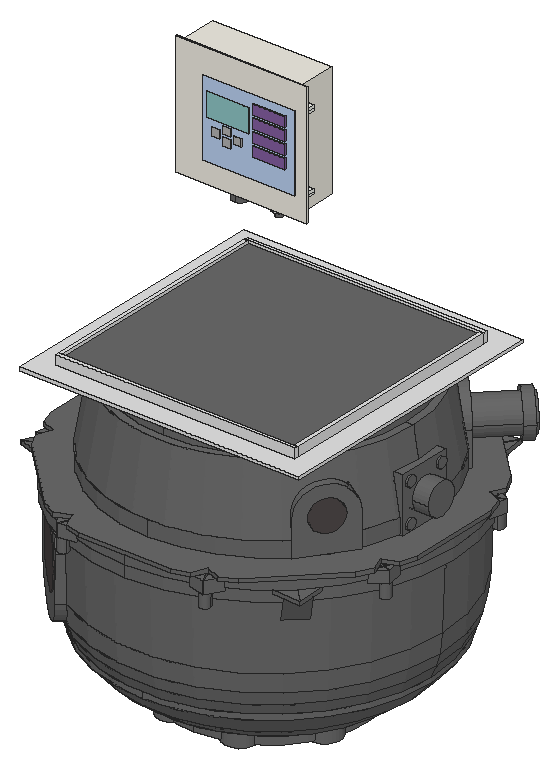
Revit family "280550s (200)", category Generic Models, Revit 2021
Family settings
  Can host rebar = No
  Round Connector Dimension = Use Diameter
  Part Type = Normal
  Work Plane-Based = No
  Always vertical = Yes
  Cut with Voids When Loaded = No
  Shared = Yes
  Room Calculation Point = No
Parameters (values of type "280550S")
  SUPPLIER = "KESSEL"
  SA700ID50 = "internal"
  SA700ID49 = "Protection Class I"
  SA700ID48 = "no"
  SA700ID47 = "no"
  SA700ID46 = "yes"
  SA700ID37 = 8000 mm
  SA700ID34 = 12
  SA700ID33 = 0.5 W
  SA700ID32 = 17.31 kg
  SA700ID31 = 1
  SA700ID30 = 1
  SA700ID29 = "RWDR"
  SA700ID21 = 800
  SA700ID10 = "No"
  SA700ID08 = 230 V
  PROCUREWEBLINK = "https://p.caden.as/kessel/280550S"
  PROCURELINK = "p.caden.as/kessel/280550S"
  PROCUREDATALASTUPDATE = "2024-05-22T12:17:25.082586226+01:00"
  PRC_SPECIFICATIONLINK = "https://ausschreiben.de/catalog/kessel/catalogItem/5d98f284-5297-4169-bd2e-c9a9cff749b9"
  NN = "Lifting station Aqualift S compact"
  NBSYN = "$SA810ID03. ($LODLEVEL.)"
  NB = "280550S (200)"
  Model = "280550S"
  Manufacturer = "KESSEL"
  MIdent = "{$CADENAS_DATA/23d-libs/kessel/kessel_vdi_import/4/entwaesserung/hebeanlage20aqualift20s20compact.prj},216 {STYP=ASS},{VTYP=3D},{NB=280550S (200)},{LINA=280550S},{NN=Lifting station Aqualift S compact},{DATE=21.11.2022 10:40:35},{GEOMDATE=21.11.2022 10:40:35},{VERSION=},{LINEID=120},{WBVAR=LODLEVEL},{WBNUMERIC=LODLEVEL}  {NB=280550S (200)},{LINA=280550S},{KT=DUMMY},{PREVIEW=../../bilder/ksb_w_280550s.png},{SA700ID04=Hebeanlage Aqualift S Compact, Tronic, GTF 500, Bodenplatte},{SA810ID06=04026092082645},{SA700ID34=12.00},{SA010ID03=201805},{SA810ID03=280550S},{SA810ID10=Die steckerfertige Hebeanlage für fäkalienfreies Abwasser ist mit einer überflutbaren Pumpe sowie einem Rückflussverhinderer ausgestattet. Der Sammelbehälter aus dauerhaft beständigem Kunststoff (PE) besitzt einen offenen Pumpenraum. Einhandverschlüsse ermöglichen die einfache Entnahme der integrierten Komponenten. Die Anlage zum Einbau in die Bodenplatte ist vormontiert zur bauseitigen Endmontage.Die Steuerung erfolgt durch ein anwenderfreundliches Schaltgerät, das optional über einen potentialfreien Kontakt in die Gebäudeleittechnik eingebunden werden oder Alarm- und Sammelstörmeldungen über eine GSM-Schnittstelle ausgeben kann.- mit teleskopischem Aufsatzstück für stufenlosen Höhen- und Niveauausgleich und integriertem Bodenablauf- Sammelbehälter aus PE, beständig gegen aggressive Abwässer und 3 m Grundwasser- inklusive Rückflussverhinderer für die Druckleitung- inklusive Stutzen für Zulauf und Kabelleerrohr- Pumpe mit Freistromrad für höchste BetriebssicherheitAusführung:Anlagenart: EinzelanlagePumpensteuerung: SchaltgerätRückflussverhinderer: integriertAuslieferungszustand: installationsfertig (Verbindungsteile sind bauseits anzuschließen)Einbausituation: Einbau in die BodenplatteAbwasserart: fäkalienfreiAllgemeine Merkmale:Farbe: schwarzNorm: EN 12050-2Abmessungen:Länge: 617 mmBreite: 585 mmBehälter/Grundkörper:Zulauf Nennweite (DN): 100 mmDruckabgang (DN): 32 mmDruckabgang (DA): 40 mmEinbautiefe: 490 - 620 mmNutzvolumen: 20 lArt der Höhenverstellbarkeit: teleskopisches AufsatzstückAbdeckungsmerkmale:Abdeckungsart: Abdeckplatte mit SchlitzrostAbdeckung Material: KunststoffAbdeckung Farbe: schwarzBelastungsklasse: K 3 (EN 1253-1)Länge: 366 mmBreite: 366 mmVerriegelung: Lock & LiftFreier Kugeldurchgang: 10 mmFördereinrichtung:Pumpe: GTF 500Anzahl Pumpen: 1Förderleistung max.: 10 m3/hFörderhöhe max.: 8 mBetriebsspannung: 230 VNetzfrequenz: 50 HzBetriebsart: S1Leistung P1: 0,6 kWLeistung P2: 0,36 kWDrehzahl: 2.800 U/minErforderliche Absicherung (Leitungsschutz): C 16 AFörderguttemperatur (dauerhaft) max.: 40 °CAnschlusstyp: codierter SteckerLaufrad Typ: FreistromradLänge Netzanschlussleitung Pumpe: 5 mNennstrom: 2,7 ASchutzart Pumpe: IP 68 (3m)Typ Anschlussleitung Pumpe: H07RN-F 3G 1,0 mm2Temperaturüberwachung: integriertSteuerung:Schaltgerät: ComfortBetriebsspannung: 230 VSelbstdiagnosesystem (SDS): jaBatteriepufferung: jaMehrzeilige Displayanzeige: jaLogbuchfunktion: jaUSB-Schnittstelle: jaGSM-Schnittstelle: jaPotentialfreier Kontakt: optionalSchutzart Schaltgerät: IP 54Länge Netzanschlussleitung Schaltgerät: 1,4 mArt Niveauerfassung: pneumatischInstrument Niveauerfassung: TauchrohrAlarmgeber: optische Sonde},{SA700ID37=8.00},{SA700ID33=0.50},{SA700ID08=230},{SA700ID30=1},{SA700ID32=17.31},{SA700ID49=Schutzklasse I},{SA700ID50=intern},{SA200ID03=6},{SA250ID03=vertikal},{SA260ID03=Trockenläuferpumpe},{SA350ID03=normalansaugend},{SA400ID03=E-Motor für Wechselstrom},{SA460ID03=direkt},{SA500ID03=Kunststoff, Edelstahl},{SA700ID06=32},{SA700ID07=100},{SA700ID09=1/N/PE 230V },{SA700ID10=Nein},{SA700ID11=50},{SA700ID12=IP 68},{SA700ID13=F},{SA700ID15=35},{SA700ID21=800.00},{SA700ID22=0.36},{SA700ID23=2800},{SA700ID24=2800},{SA700ID26=2.50},{SA700ID27=6.90},{SA700ID28=durchgehend},{SA700ID29=RWDR},{SA700ID31=1},{SA700ID46=ja},{SA700ID47=nein},{SA700ID48=nein},{SA110ID04=Hebeanlage Aqualift S Compact},{SA300ID03=einstufig},{SA700ID44=10.00},{SA700ID45=10.00},{SA010ID04=KESSEL AG},{LODLEVEL=200},{LINK=https://www.kessel.de/info?han=280550S},{SA970ID01=970},{SA970ID02=14061},{SA970ID03=280550S},{SA970ID04=11002617},{SA970ID05=QUAD},{SA970ID06=-326},{SA970ID07=-291.04},{SA970ID08=0},{SA970ID09=1},{SA970ID10=0},{SA970ID11=0},{SA970ID12=0},{SA970ID13=1},{SA970ID14=0},{SA970ID15=617.04},{SA970ID16=582.09},{SA970ID17=488.5},{LODLEVEL_=200,'Low'},{LODLEVEL_DEU=200,'Low'},{LINK_=https://www.kessel.de/info?han=280550S},{LINK_DEU=https://www.kessel.de/info?han=280550S},{LODLEVEL_3DB=280550S_200},{DNIN1=100},{DNIN2=125},{DNIN3=100},{DNIN4=100},{DNOUT1=70},{DNOUT2=32},{ISD1=60},{ISD2=10},{ISD3=10},{SA010ID01=010},{SA010ID02=4},{SA010ID06=www.kessel.de},{SA010ID07=www.kessel.de},{SA010ID12=20180713},{SA010ID13=DEU},{SA010ID14=DE},{SA100ID01=100},{SA100ID02=4},{SA100ID04=Entwässerung},{SA110ID01=110},{SA110ID02=30},{SA200ID01=200},{SA200ID02=6},{SA250ID01=250},{SA250ID02=2},{SA260ID01=260},{SA260ID02=2},{SA300ID01=300},{SA300ID02=1},{SA350ID01=350},{SA350ID02=1},{SA400ID01=400},{SA400ID02=1},{SA460ID01=460},{SA460ID02=1},{SA500ID01=500},{SA500ID02=1},{SA700ID01=700},{SA700ID02=194},{SA700ID10_=0},{SA700ID16=0},{SA700ID25=0},{SA700ID46_=1},{SA700ID47_=0},{SA700ID48_=0},{SA700ID49_=1},{SA700ID50_=2},{SA800ID01=800},{SA800ID02=9},{SA810ID01=810},{SA810ID02=194},{SA810ID04=280550S},{SA810ID07=194},{SA810ID09=1},{SA810ID14=PCE},{SA810ID15=1},{SA810ID16=NMP},{SA960ID03=194},{SA960ID04=3L},{SA960ID08=https://www.kessel.de/info?han=280550S},{SA010ID08=4026092000007},{SA100ID05=Hebeanlage},{SA110ID06=Hebeanlage}"
  LINK = "https://www.kessel.de/info?han=280550S"
  LINA = "280550S"
  Default Elevation = 0 mm
  CREATOR = "CADENAS GmbH"
  CATALOG = "KESSEL"
  BOMINFO = "LINA"
  ARTICLENO = "NB"
  4.810.00.9 Order quantity (multiplicator) = "1"
  4.810.00.7 Media- connection number = "194"
  4.810.00.6 GTIN number = "04026092082645"
  4.810.00.4 DATANORM number = "280550S"
  4.810.00.3 Producer order number = "280550S"
  4.710.03.7 Mass (net) = 17.31 kg
  4.710.03.6 Height = 490 mm
  4.710.03.5 Width = 580 mm
  4.710.03.4 Length = 620 mm
  4.710.03.3 Type of dimensions = "2"
  4.710.02.8 Area of application of wastewater pump = "2"
  4.710.02.6 Duty type = "S1"
  4.710.02.5 Cutting device = "0"
  4.710.02.4 Attached pump control = "1"
  4.710.02.3 Free passage = 10 mm
  4.710.01.6 Option to connect to building automation = "10"
  4.710.01.5 Load regulation = "0"
  4.710.01.4 Designation of closed-loop control = "20"
  4.700.00.9 Voltage = 0
  4.700.00.8 Nominal connection size on suction side = "100"
  4.700.00.7 Nominal connection size on pressure side = "100"
  4.700.00.6 Type of connection = "32"
  4.700.00.4 Product indentification = "Hebeanlage Aqualift S Compact, Tronic, GTF 500, Bodenplatte"
  4.700.00.28 Motor pump shaft = "durchgehend"
  4.700.00.27 Starting current = 6.9
  4.700.00.26 Maximum power consumption per pump / drive = 2.5
  4.700.00.25 Minimum speed at internal speed adjustment = 0
  4.700.00.24 Nominal speed / maximum speed n = 46.6667
  4.700.00.23 Nominal speed of motor = 46.6667
  4.700.00.22 Maximum shaft output (P2) per pump/drive = 0.36 W
  4.700.00.16 Maximum temperature of pumped medium = 0 °C
  4.700.00.15 Increased safety class = "35 °C"
  4.700.00.13 Type of protection = "F"
  4.700.00.12 Frequency = 0
  4.700.00.11 Stern-/Dreieck-Anlaufschaltung bei Dreiphasenanschluss oder Drehstrom = "50 Hz"
  4.700.00.10 Phase = "0"
  4.500.00.3 Variant / Variant type / Accessories-name = "Kunststoff, Edelstahl"
  4.460.00.3 Variant / Variant type / Accessories-name = "direkt"
  4.400.00.3 Variant / Variant type / Accessories-name = "E-Motor für Wechselstrom"
  4.350.00.3 Variant / Variant type / Accessories-name = "normalansaugend"
  4.300.00.3 Variant / Variant type / Accessories-name = "einstufig"
  4.260.00.3 Variant / Variant type / Accessories-name = "Trockenläuferpumpe"
  4.250.00.3 Variant / Variant type / Accessories-name = "vertikal"
  4.200.00.3 Variant / Variant type / Accessories-name = "6"
  4.110.00.6 Product classification = "Hebeanlage"
  4.110.00.4 Product indentification = "Hebeanlage Aqualift S Compact"
  4.100.00.5 Main groups of wares = "Hebeanlage"
  4.100.00.4 Product indentification = "Entwässerung"
  4.010.00.8 Producer ID number = "4026092000007"
  4.010.00.7 Comment = "www.kessel.de"
  4.010.00.6 Web address of the manufacturer = "www.kessel.de"
  4.010.00.4 Manufacturer name = "KESSEL AG"
  4.010.00.3 Date of issuance (month) of guideline = "201805"
  4.010.00.2 Sheet number of the guideline = "4"
  4.010.00.14 Kennungen der Projektländer, für die die Datei gültig ist = "DE"
  4.010.00.13 Sprache der Datei = "DEU"
  4.010.00.12 Stand des Herstellerkatalogs = "20180713"
Reference planes
  plane 1 "Center (Front/Back)": y = 0
  plane 2: z = 0
  plane 3 "Center (Left/Right)": x = 0
Forms (mm)
  Extrusion 1, void
    sketch origin (-161, 217, 518.2) x (0, 1, 0) y (-1, 0, 0)
      loop
        line (-0.5, -0.5) -> (0.5, -0.5) -> (0.5, 0.5) -> (-0.5, 0.5) -> (-0.5, -0.5)
    from 0 to 1
  Extrusion 2, void
    sketch origin (-197.283, 197.283, 209) x (-0.707107, -0.707107, 0) y (0, 0, -1)
      loop
        line (-0.5, -0.5) -> (0.5, -0.5) -> (0.5, 0.5) -> (-0.5, 0.5) -> (-0.5, -0.5)
    from 0 to 1
  Extrusion 3, void
    sketch origin (-197.283, -197.283, 209) x (0.707107, -0.707107, 0) y (0, 0, -1)
      loop
        line (-0.5, -0.5) -> (0.5, -0.5) -> (0.5, 0.5) -> (-0.5, 0.5) -> (-0.5, -0.5)
    from 0 to 1
  Extrusion 4, void
    sketch origin (-247, 0, 370) x (0, -1, 0) y (0, 0, -1)
      loop
        line (-0.5, -0.5) -> (0.5, -0.5) -> (0.5, 0.5) -> (-0.5, 0.5) -> (-0.5, -0.5)
    from 0 to 1
  Extrusion 5, void
    sketch origin (242.226, 228.084, 376) x (-0.707107, 0.707107, 0) y (0, 0, -1)
      loop
        line (-0.5, -0.5) -> (0.5, -0.5) -> (0.5, 0.5) -> (-0.5, 0.5) -> (-0.5, -0.5)
    from 0 to 1
  Extrusion 6, void
    sketch origin (242.226, 228.084, 364) x (-0.707107, 0.707107, 0) y (0, 0, -1)
      loop
        line (-0.5, -0.5) -> (0.5, -0.5) -> (0.5, 0.5) -> (-0.5, 0.5) -> (-0.5, -0.5)
    from 0 to 1
  Extrusion 7, void
    sketch origin (228.084, 242.226, 376) x (-0.707107, 0.707107, 0) y (0, 0, -1)
      loop
        line (-0.5, -0.5) -> (0.5, -0.5) -> (0.5, 0.5) -> (-0.5, 0.5) -> (-0.5, -0.5)
    from 0 to 1
  Extrusion 8, void
    sketch origin (228.084, 242.226, 364) x (-0.707107, 0.707107, 0) y (0, 0, -1)
      loop
        line (-0.5, -0.5) -> (0.5, -0.5) -> (0.5, 0.5) -> (-0.5, 0.5) -> (-0.5, -0.5)
    from 0 to 1
Dimensions and locks
  locked: plane 2 to Extrusion 1 at 519.2
  locked: plane 2 to Extrusion 1 at 518.2
  locked: plane 2 to Extrusion 2 at 208.5
  locked: plane 2 to Extrusion 2 at 209.5
  locked: plane 2 to Extrusion 3 at 208.5
  locked: plane 2 to Extrusion 3 at 209.5
  locked: plane 2 to Extrusion 4 at 369.5
  locked: plane 2 to Extrusion 4 at 370.5
  locked: plane 2 to Extrusion 5 at 375.5
  locked: plane 2 to Extrusion 5 at 376.5
  locked: plane 2 to Extrusion 6 at 363.5
  locked: plane 2 to Extrusion 6 at 364.5
  locked: plane 2 to Extrusion 7 at 375.5
  locked: plane 2 to Extrusion 7 at 376.5
  locked: plane 2 to Extrusion 8 at 363.5
  locked: plane 2 to Extrusion 8 at 364.5
  aligned and locked: level to plane 2
Nested families
  nested 1: "280550s (200)_content" at (0, 0, 0), type "280550S (200)_Content"
  nested 2: "280550s (200)_part1_X0Y0" at (-194, 244.5, 558), type "280550S_PART1_X0Y0"
  nested 3: "280550s (200)_part2_X0Y0" at (0, 0, 0), type "280550S_PART2_X0Y0"
Connectors
  electrical at (-257.5, 217, 524.5)
    settings: on nested 2, index 1, voltage 0 V, apparent load 0 VA, apparent load phase1 0 VA, apparent load phase2 0 VA, apparent load phase3 0 VA, power factor 1, load classification "Other", number of poles 1, system type 31, power factor state 1, is connector primary yes, connector utility no, sub classification motor no, connector description ""
  electrical at (-223, 217, 521)
    settings: on nested 2, index 2, voltage 0 V, apparent load 0 VA, apparent load phase1 0 VA, apparent load phase2 0 VA, apparent load phase3 0 VA, power factor 1, load classification "Other", number of poles 1, system type 31, power factor state 1, is connector primary no, connector utility no, sub classification motor no, connector description ""
  electrical at (-189, 217, 530.9)
    settings: on nested 2, index 3, voltage 0 V, apparent load 0 VA, apparent load phase1 0 VA, apparent load phase2 0 VA, apparent load phase3 0 VA, power factor 1, load classification "Other", number of poles 1, system type 31, power factor state 1, is connector primary no, connector utility no, sub classification motor no, connector description ""
  electrical at (-161, 217, 518.2)
    settings: on Extrusion 1, index 4, voltage 0 V, apparent load 0 VA, apparent load phase1 0 VA, apparent load phase2 0 VA, apparent load phase3 0 VA, power factor 1, load classification "Other", number of poles 1, system type 31, power factor state 1, is connector primary no, connector utility no, sub classification motor no, connector description ""
  electrical at (-136.5, 217, 557.2)
    settings: on nested 2, index 5, voltage 0 V, apparent load 0 VA, apparent load phase1 0 VA, apparent load phase2 0 VA, apparent load phase3 0 VA, power factor 1, load classification "Other", number of poles 1, system type 31, power factor state 1, is connector primary no, connector utility no, sub classification motor no, connector description ""
  electrical at (-114.5, 217, 557.2)
    settings: on nested 2, index 6, voltage 0 V, apparent load 0 VA, apparent load phase1 0 VA, apparent load phase2 0 VA, apparent load phase3 0 VA, power factor 1, load classification "Other", number of poles 1, system type 31, power factor state 1, is connector primary no, connector utility no, sub classification motor no, connector description ""
  piping at (-326, 0, 209), diameter 125
    settings: on nested 3, index 7, connector inside diameter 609.6 mm, connector length 0 mm, flow factor 0, pipe flow 0.0 L/s, pressure drop 0.0 Pa, fitting loss kfactor 0, connector angle 0.00°, fixture units 0, engagement length 0 mm, angle of deflection 0.00°, flow configuration 0, flow direction 1, fitting loss method 2, system type 29, joint type 0, gender type 0, connector reference index -1, connector utility 0, adjustable connector no, is connector primary yes, connector description ""
  piping at (-197.283, 197.283, 209), diameter 100
    settings: on Extrusion 2, index 8, connector inside diameter 609.6 mm, connector length 0 mm, flow factor 0, pipe flow 0.0 L/s, pressure drop 0.0 Pa, fitting loss kfactor 0, connector angle 0.00°, fixture units 0, engagement length 0 mm, angle of deflection 0.00°, flow configuration 0, flow direction 0, fitting loss method 2, system type 29, joint type 0, gender type 0, connector reference index -1, connector utility 0, adjustable connector no, is connector primary no, connector description ""
  piping at (-197.283, -197.283, 209), diameter 100
    settings: on Extrusion 3, index 9, connector inside diameter 609.6 mm, connector length 0 mm, flow factor 0, pipe flow 0.0 L/s, pressure drop 0.0 Pa, fitting loss kfactor 0, connector angle 0.00°, fixture units 0, engagement length 0 mm, angle of deflection 0.00°, flow configuration 0, flow direction 0, fitting loss method 2, system type 29, joint type 0, gender type 0, connector reference index -1, connector utility 0, adjustable connector no, is connector primary no, connector description ""
  piping at (-247, 0, 370), diameter 70
    settings: on Extrusion 4, index 10, connector inside diameter 609.6 mm, connector length 0 mm, flow factor 0, pipe flow 0.0 L/s, pressure drop 0.0 Pa, fitting loss kfactor 0, connector angle 0.00°, fixture units 0, engagement length 0 mm, angle of deflection 0.00°, flow configuration 0, flow direction 0, fitting loss method 2, system type 29, joint type 0, gender type 0, connector reference index -1, connector utility 0, adjustable connector no, is connector primary no, connector description ""
  piping at (272.5, -3, 363.25), diameter 32
    settings: on nested 3, index 11, connector inside diameter 609.6 mm, connector length 0 mm, flow factor 0, pipe flow 0.0 L/s, pressure drop 0.0 Pa, fitting loss kfactor 0, connector angle 0.00°, fixture units 0, engagement length 0 mm, angle of deflection 0.00°, flow configuration 0, flow direction 2, fitting loss method 2, system type 29, joint type 0, gender type 0, connector reference index -1, connector utility 0, adjustable connector no, is connector primary no, connector description ""
  electrical at (242.226, 228.084, 376)
    settings: on Extrusion 5, index 12, voltage 0 V, apparent load 0 VA, apparent load phase1 0 VA, apparent load phase2 0 VA, apparent load phase3 0 VA, power factor 1, load classification "Other", number of poles 1, system type 31, power factor state 1, is connector primary no, connector utility no, sub classification motor no, connector description ""
  electrical at (242.226, 228.084, 364)
    settings: on Extrusion 6, index 13, voltage 0 V, apparent load 0 VA, apparent load phase1 0 VA, apparent load phase2 0 VA, apparent load phase3 0 VA, power factor 1, load classification "Other", number of poles 1, system type 31, power factor state 1, is connector primary no, connector utility no, sub classification motor no, connector description ""
  electrical at (228.084, 242.226, 376)
    settings: on Extrusion 7, index 14, voltage 0 V, apparent load 0 VA, apparent load phase1 0 VA, apparent load phase2 0 VA, apparent load phase3 0 VA, power factor 1, load classification "Other", number of poles 1, system type 31, power factor state 1, is connector primary no, connector utility no, sub classification motor no, connector description ""
  electrical at (228.084, 242.226, 364)
    settings: on Extrusion 8, index 15, voltage 0 V, apparent load 0 VA, apparent load phase1 0 VA, apparent load phase2 0 VA, apparent load phase3 0 VA, power factor 1, load classification "Other", number of poles 1, system type 31, power factor state 1, is connector primary no, connector utility no, sub classification motor no, connector description ""
Definition of nested family "280550s (200)_part1_X0Y0"
  Parameters (values of type "280550S_PART1_X0Y0")
    SUPPLIER = "KESSEL"
    SA700ID50 = "internal"
    SA700ID49 = "Protection Class I"
    SA700ID48 = "no"
    SA700ID47 = "no"
    SA700ID46 = "yes"
    SA700ID37 = 8000 mm
    SA700ID34 = 12
    SA700ID33 = 0.5 W
    SA700ID32 = 17.31 kg
    SA700ID31 = 1
    SA700ID30 = 1
    SA700ID29 = "RWDR"
    SA700ID21 = 800
    SA700ID10 = "No"
    SA700ID08 = 230 V
    NBSYN = "$SA810ID03. ($LODLEVEL.)_PART1"
    NB = "280550S (200)_PART1"
    Model = "280550S_PART1"
    Manufacturer = "KESSEL"
    MIdent = "{$CADENAS_DATA/23d-libs/kessel/kessel_vdi_import/4/entwaesserung/hebeanlage20aqualift20s20compact.prj},236 {VTYP=3D},{NB=280550S (200)_PART1},{LINA=280550S_PART1},{NN=Lifting station Aqualift S compact_PART1},{NOPRJ=TRUE},{DATE=21.11.2022 10:40:35},{GEOMDATE=21.11.2022 10:40:35},{VERSION=},{LINEID=120},{WBVAR=LODLEVEL},{WBNUMERIC=LODLEVEL}  {NB=280550S (200)_PART1},{LINA=280550S_PART1},{KT=DUMMY},{PREVIEW=../../bilder/ksb_w_280550s.png},{SA700ID04=Hebeanlage Aqualift S Compact, Tronic, GTF 500, Bodenplatte},{SA810ID06=04026092082645},{SA700ID34=12.00},{SA010ID03=201805},{SA810ID03=280550S},{SA810ID10=Die steckerfertige Hebeanlage für fäkalienfreies Abwasser ist mit einer überflutbaren Pumpe sowie einem Rückflussverhinderer ausgestattet. Der Sammelbehälter aus dauerhaft beständigem Kunststoff (PE) besitzt einen offenen Pumpenraum. Einhandverschlüsse ermöglichen die einfache Entnahme der integrierten Komponenten. Die Anlage zum Einbau in die Bodenplatte ist vormontiert zur bauseitigen Endmontage.Die Steuerung erfolgt durch ein anwenderfreundliches Schaltgerät, das optional über einen potentialfreien Kontakt in die Gebäudeleittechnik eingebunden werden oder Alarm- und Sammelstörmeldungen über eine GSM-Schnittstelle ausgeben kann.- mit teleskopischem Aufsatzstück für stufenlosen Höhen- und Niveauausgleich und integriertem Bodenablauf- Sammelbehälter aus PE, beständig gegen aggressive Abwässer und 3 m Grundwasser- inklusive Rückflussverhinderer für die Druckleitung- inklusive Stutzen für Zulauf und Kabelleerrohr- Pumpe mit Freistromrad für höchste BetriebssicherheitAusführung:Anlagenart: EinzelanlagePumpensteuerung: SchaltgerätRückflussverhinderer: integriertAuslieferungszustand: installationsfertig (Verbindungsteile sind bauseits anzuschließen)Einbausituation: Einbau in die BodenplatteAbwasserart: fäkalienfreiAllgemeine Merkmale:Farbe: schwarzNorm: EN 12050-2Abmessungen:Länge: 617 mmBreite: 585 mmBehälter/Grundkörper:Zulauf Nennweite (DN): 100 mmDruckabgang (DN): 32 mmDruckabgang (DA): 40 mmEinbautiefe: 490 - 620 mmNutzvolumen: 20 lArt der Höhenverstellbarkeit: teleskopisches AufsatzstückAbdeckungsmerkmale:Abdeckungsart: Abdeckplatte mit SchlitzrostAbdeckung Material: KunststoffAbdeckung Farbe: schwarzBelastungsklasse: K 3 (EN 1253-1)Länge: 366 mmBreite: 366 mmVerriegelung: Lock & LiftFreier Kugeldurchgang: 10 mmFördereinrichtung:Pumpe: GTF 500Anzahl Pumpen: 1Förderleistung max.: 10 m3/hFörderhöhe max.: 8 mBetriebsspannung: 230 VNetzfrequenz: 50 HzBetriebsart: S1Leistung P1: 0,6 kWLeistung P2: 0,36 kWDrehzahl: 2.800 U/minErforderliche Absicherung (Leitungsschutz): C 16 AFörderguttemperatur (dauerhaft) max.: 40 °CAnschlusstyp: codierter SteckerLaufrad Typ: FreistromradLänge Netzanschlussleitung Pumpe: 5 mNennstrom: 2,7 ASchutzart Pumpe: IP 68 (3m)Typ Anschlussleitung Pumpe: H07RN-F 3G 1,0 mm2Temperaturüberwachung: integriertSteuerung:Schaltgerät: ComfortBetriebsspannung: 230 VSelbstdiagnosesystem (SDS): jaBatteriepufferung: jaMehrzeilige Displayanzeige: jaLogbuchfunktion: jaUSB-Schnittstelle: jaGSM-Schnittstelle: jaPotentialfreier Kontakt: optionalSchutzart Schaltgerät: IP 54Länge Netzanschlussleitung Schaltgerät: 1,4 mArt Niveauerfassung: pneumatischInstrument Niveauerfassung: TauchrohrAlarmgeber: optische Sonde},{SA700ID37=8.00},{SA700ID33=0.50},{SA700ID08=230},{SA700ID30=1},{SA700ID32=17.31},{SA700ID49=Schutzklasse I},{SA700ID50=intern},{SA200ID03=6},{SA250ID03=vertikal},{SA260ID03=Trockenläuferpumpe},{SA350ID03=normalansaugend},{SA400ID03=E-Motor für Wechselstrom},{SA460ID03=direkt},{SA500ID03=Kunststoff, Edelstahl},{SA700ID06=32},{SA700ID07=100},{SA700ID09=1/N/PE 230V },{SA700ID10=Nein},{SA700ID11=50},{SA700ID12=IP 68},{SA700ID13=F},{SA700ID15=35},{SA700ID21=800.00},{SA700ID22=0.36},{SA700ID23=2800},{SA700ID24=2800},{SA700ID26=2.50},{SA700ID27=6.90},{SA700ID28=durchgehend},{SA700ID29=RWDR},{SA700ID31=1},{SA700ID46=ja},{SA700ID47=nein},{SA700ID48=nein},{SA110ID04=Hebeanlage Aqualift S Compact},{SA300ID03=einstufig},{SA700ID44=10.00},{SA700ID45=10.00},{SA010ID04=KESSEL AG},{LODLEVEL=200},{LINK=https://www.kessel.de/info?han=280550S},{SA970ID01=970},{SA970ID02=14061},{SA970ID03=280550S},{SA970ID04=11002617},{SA970ID05=QUAD},{SA970ID06=-326},{SA970ID07=-291.04},{SA970ID08=0},{SA970ID09=1},{SA970ID10=0},{SA970ID11=0},{SA970ID12=0},{SA970ID13=1},{SA970ID14=0},{SA970ID15=617.04},{SA970ID16=582.09},{SA970ID17=488.5},{LODLEVEL_=200,'Low'},{LODLEVEL_DEU=200,'Low'},{LINK_=https://www.kessel.de/info?han=280550S},{LINK_DEU=https://www.kessel.de/info?han=280550S},{LODLEVEL_3DB=280550S_200},{DNIN1=100},{DNIN2=125},{DNIN3=100},{DNIN4=100},{DNOUT1=70},{DNOUT2=32},{ISD1=60},{ISD2=10},{ISD3=10},{SA010ID01=010},{SA010ID02=4},{SA010ID06=www.kessel.de},{SA010ID07=www.kessel.de},{SA010ID12=20180713},{SA010ID13=DEU},{SA010ID14=DE},{SA100ID01=100},{SA100ID02=4},{SA100ID04=Entwässerung},{SA110ID01=110},{SA110ID02=30},{SA200ID01=200},{SA200ID02=6},{SA250ID01=250},{SA250ID02=2},{SA260ID01=260},{SA260ID02=2},{SA300ID01=300},{SA300ID02=1},{SA350ID01=350},{SA350ID02=1},{SA400ID01=400},{SA400ID02=1},{SA460ID01=460},{SA460ID02=1},{SA500ID01=500},{SA500ID02=1},{SA700ID01=700},{SA700ID02=194},{SA700ID10_=0},{SA700ID16=0},{SA700ID25=0},{SA700ID46_=1},{SA700ID47_=0},{SA700ID48_=0},{SA700ID49_=1},{SA700ID50_=2},{SA800ID01=800},{SA800ID02=9},{SA810ID01=810},{SA810ID02=194},{SA810ID04=280550S},{SA810ID07=194},{SA810ID09=1},{SA810ID14=PCE},{SA810ID15=1},{SA810ID16=NMP},{SA960ID03=194},{SA960ID04=3L},{SA960ID08=https://www.kessel.de/info?han=280550S},{SA010ID08=4026092000007},{SA100ID05=Hebeanlage},{SA110ID06=Hebeanlage}"
    LINK = "https://www.kessel.de/info?han=280550S"
    LINA = "280550S_PART1"
    Default Elevation = 1219.2 mm
    CREATOR = "CADENAS GmbH"
    CATALOG = "KESSEL"
    BOMINFO = "LINA"
    ARTICLENO = "NB"
    4.810.00.9 Order quantity (multiplicator) = "1"
    4.810.00.7 Media- connection number = "194"
    4.810.00.6 GTIN number = "04026092082645"
    4.810.00.4 DATANORM number = "280550S"
    4.810.00.3 Producer order number = "280550S"
    4.710.03.7 Mass (net) = 17.31 kg
    4.710.03.6 Height = 490 mm
    4.710.03.5 Width = 580 mm
    4.710.03.4 Length = 620 mm
    4.710.03.3 Type of dimensions = "2"
    4.710.02.8 Area of application of wastewater pump = "2"
    4.710.02.6 Duty type = "S1"
    4.710.02.5 Cutting device = "0"
    4.710.02.4 Attached pump control = "1"
    4.710.02.3 Free passage = 10 mm
    4.710.01.6 Option to connect to building automation = "10"
    4.710.01.5 Load regulation = "0"
    4.710.01.4 Designation of closed-loop control = "20"
    4.700.00.9 Voltage = 0
    4.700.00.8 Nominal connection size on suction side = "100"
    4.700.00.7 Nominal connection size on pressure side = "100"
    4.700.00.6 Type of connection = "32"
    4.700.00.4 Product indentification = "Hebeanlage Aqualift S Compact, Tronic, GTF 500, Bodenplatte"
    4.700.00.28 Motor pump shaft = "durchgehend"
    4.700.00.27 Starting current = 6.9
    4.700.00.26 Maximum power consumption per pump / drive = 2.5
    4.700.00.25 Minimum speed at internal speed adjustment = 0
    4.700.00.24 Nominal speed / maximum speed n = 46.6667
    4.700.00.23 Nominal speed of motor = 46.6667
    4.700.00.22 Maximum shaft output (P2) per pump/drive = 0.36 W
    4.700.00.16 Maximum temperature of pumped medium = 0 °C
    4.700.00.15 Increased safety class = "35 °C"
    4.700.00.13 Type of protection = "F"
    4.700.00.12 Frequency = 0
    4.700.00.11 Stern-/Dreieck-Anlaufschaltung bei Dreiphasenanschluss oder Drehstrom = "50 Hz"
    4.700.00.10 Phase = "0"
    4.500.00.3 Variant / Variant type / Accessories-name = "Kunststoff, Edelstahl"
    4.460.00.3 Variant / Variant type / Accessories-name = "direkt"
    4.400.00.3 Variant / Variant type / Accessories-name = "E-Motor für Wechselstrom"
    4.350.00.3 Variant / Variant type / Accessories-name = "normalansaugend"
    4.300.00.3 Variant / Variant type / Accessories-name = "einstufig"
    4.260.00.3 Variant / Variant type / Accessories-name = "Trockenläuferpumpe"
    4.250.00.3 Variant / Variant type / Accessories-name = "vertikal"
    4.200.00.3 Variant / Variant type / Accessories-name = "6"
    4.110.00.6 Product classification = "Hebeanlage"
    4.110.00.4 Product indentification = "Hebeanlage Aqualift S Compact"
    4.100.00.5 Main groups of wares = "Hebeanlage"
    4.100.00.4 Product indentification = "Entwässerung"
    4.010.00.8 Producer ID number = "4026092000007"
    4.010.00.7 Comment = "www.kessel.de"
    4.010.00.6 Web address of the manufacturer = "www.kessel.de"
    4.010.00.4 Manufacturer name = "KESSEL AG"
    4.010.00.3 Date of issuance (month) of guideline = "201805"
    4.010.00.2 Sheet number of the guideline = "4"
    4.010.00.14 Kennungen der Projektländer, für die die Datei gültig ist = "DE"
    4.010.00.13 Sprache der Datei = "DEU"
    4.010.00.12 Stand des Herstellerkatalogs = "20180713"
  Reference planes
    plane 1 "Center (Front/Back)": y = 0
    plane 2: z = 0
    plane 3 "Center (Left/Right)": x = 0
  Dimensions and locks
    aligned and locked: level to plane 2
  Nested families
    nested 1: "280550s (200)_part1_content" at (0, 0, 0), type "280550S (200)_PART1_Content"
  Definition of nested family "280550s (200)_part1_content"
    Parameters (values of type "280550S (200)_PART1_Content")
      SUPPLIER = "KESSEL"
      SA700ID50 = "internal"
      SA700ID49 = "Protection Class I"
      SA700ID48 = "no"
      SA700ID47 = "no"
      SA700ID46 = "yes"
      SA700ID37 = 8000 mm
      SA700ID34 = 12
      SA700ID33 = 0.5 W
      SA700ID32 = 17.31 kg
      SA700ID31 = 1
      SA700ID30 = 1
      SA700ID29 = "RWDR"
      SA700ID21 = 800
      SA700ID10 = "No"
      SA700ID08 = 230 V
      NBSYN = "$SA810ID03. ($LODLEVEL.)_PART1"
      NB = "280550S (200)_PART1"
      Model = "280550S_PART1"
      Manufacturer = "KESSEL"
      LINK = "https://www.kessel.de/info?han=280550S"
      LINA = "280550S_PART1"
      Default Elevation = 1219.2 mm
      CREATOR = "CADENAS GmbH"
      CATALOG = "KESSEL"
      BOMINFO = "LINA"
      ARTICLENO = "NB"
      4.810.00.9 Order quantity (multiplicator) = "1"
      4.810.00.7 Media- connection number = "194"
      4.810.00.6 GTIN number = "04026092082645"
      4.810.00.4 DATANORM number = "280550S"
      4.810.00.3 Producer order number = "280550S"
      4.710.03.7 Mass (net) = 17.31 kg
      4.710.03.6 Height = 490 mm
      4.710.03.5 Width = 580 mm
      4.710.03.4 Length = 620 mm
      4.710.03.3 Type of dimensions = "2"
      4.710.02.8 Area of application of wastewater pump = "2"
      4.710.02.6 Duty type = "S1"
      4.710.02.5 Cutting device = "0"
      4.710.02.4 Attached pump control = "1"
      4.710.02.3 Free passage = 10 mm
      4.710.01.6 Option to connect to building automation = "10"
      4.710.01.5 Load regulation = "0"
      4.710.01.4 Designation of closed-loop control = "20"
      4.700.00.9 Voltage = 0
      4.700.00.8 Nominal connection size on suction side = "100"
      4.700.00.7 Nominal connection size on pressure side = "100"
      4.700.00.6 Type of connection = "32"
      4.700.00.4 Product indentification = "Hebeanlage Aqualift S Compact, Tronic, GTF 500, Bodenplatte"
      4.700.00.28 Motor pump shaft = "durchgehend"
      4.700.00.27 Starting current = 6.9
      4.700.00.26 Maximum power consumption per pump / drive = 2.5
      4.700.00.25 Minimum speed at internal speed adjustment = 0
      4.700.00.24 Nominal speed / maximum speed n = 46.6667
      4.700.00.23 Nominal speed of motor = 46.6667
      4.700.00.22 Maximum shaft output (P2) per pump/drive = 0.36 W
      4.700.00.16 Maximum temperature of pumped medium = 0 °C
      4.700.00.15 Increased safety class = "35 °C"
      4.700.00.13 Type of protection = "F"
      4.700.00.12 Frequency = 0
      4.700.00.11 Stern-/Dreieck-Anlaufschaltung bei Dreiphasenanschluss oder Drehstrom = "50 Hz"
      4.700.00.10 Phase = "0"
      4.500.00.3 Variant / Variant type / Accessories-name = "Kunststoff, Edelstahl"
      4.460.00.3 Variant / Variant type / Accessories-name = "direkt"
      4.400.00.3 Variant / Variant type / Accessories-name = "E-Motor für Wechselstrom"
      4.350.00.3 Variant / Variant type / Accessories-name = "normalansaugend"
      4.300.00.3 Variant / Variant type / Accessories-name = "einstufig"
      4.260.00.3 Variant / Variant type / Accessories-name = "Trockenläuferpumpe"
      4.250.00.3 Variant / Variant type / Accessories-name = "vertikal"
      4.200.00.3 Variant / Variant type / Accessories-name = "6"
      4.110.00.6 Product classification = "Hebeanlage"
      4.110.00.4 Product indentification = "Hebeanlage Aqualift S Compact"
      4.100.00.5 Main groups of wares = "Hebeanlage"
      4.100.00.4 Product indentification = "Entwässerung"
      4.010.00.8 Producer ID number = "4026092000007"
      4.010.00.7 Comment = "www.kessel.de"
      4.010.00.6 Web address of the manufacturer = "www.kessel.de"
      4.010.00.4 Manufacturer name = "KESSEL AG"
      4.010.00.3 Date of issuance (month) of guideline = "201805"
      4.010.00.2 Sheet number of the guideline = "4"
      4.010.00.14 Kennungen der Projektländer, für die die Datei gültig ist = "DE"
      4.010.00.13 Sprache der Datei = "DEU"
      4.010.00.12 Stand des Herstellerkatalogs = "20180713"
    Reference planes
      plane 1 "Center (Front/Back)": y = 0
      plane 2: z = 0
      plane 3 "Center (Left/Right)": x = 0
    Forms (mm)
      Extrusion 1, solid, detail levels medium+fine
        sketch origin (94.5, 0, 0) x (0, -1, 0) y (0, 0, 1)
          loop
            line (0, 181) -> (0, 0) -> (66, 0) -> (66, 181) -> (0, 181)
        from 0 to 189
      Extrusion 2, solid, detail levels medium+fine
        sketch origin (108.5, -66, -7) x (0, -1, 0) y (0, 0, 1)
          loop
            line (0, 194) -> (0, 0) -> (2, 0) -> (2, 194) -> (0, 194)
        from 0 to 208
      Extrusion 3, solid, detail levels medium+fine
        sketch origin (90, -68, 26.5) x (0, -1, 0) y (0, 0, 1)
          loop
            line (-1.25, 120) -> (-1.25, 0) -> (0.25, 0) -> (0.25, 120) -> (-1.25, 120)
        from 0 to 146
      Extrusion 4, solid, detail levels medium+fine
        sketch origin (5.5, -68.25, 66) x (0, -1, 0) y (0, 0, 1)
          loop
            line (-1, 12) -> (-1, 0) -> (0.5, 0) -> (0.5, 12) -> (-1, 12)
        from 0 to 12
      Extrusion 5, solid, detail levels medium+fine
        sketch origin (76.25, -68.25, 79) x (0, -1, 0) y (0, 0, 1)
          loop
            line (0, 16) -> (0, 0) -> (1.75, 0) -> (1.75, 16) -> (0, 16)
        from 0 to 51
      Extrusion 6, solid, detail levels medium+fine
        sketch origin (-11.75, -68.25, 74) x (0, -1, 0) y (0, 0, 1)
          loop
            line (-1, 12) -> (-1, 0) -> (0.5, 0) -> (0.5, 12) -> (-1, 12)
        from 0 to 12
      Extrusion 7, solid, detail levels medium+fine
        sketch origin (76.25, -68.25, 59) x (0, -1, 0) y (0, 0, 1)
          loop
            line (0, 16) -> (0, 0) -> (1.75, 0) -> (1.75, 16) -> (0, 16)
        from 0 to 51
      Extrusion 8, solid, detail levels medium+fine
        sketch origin (17.4, -68.25, 89.5) x (0, -1, 0) y (0, 0, 1)
          loop
            line (-1, 37) -> (-1, 0) -> (0.5, 0) -> (0.5, 37) -> (-1, 37)
        from 0 to 66
      Extrusion 9, solid, detail levels medium+fine
        sketch origin (76.25, -68.25, 99) x (0, -1, 0) y (0, 0, 1)
          loop
            line (0, 16) -> (0, 0) -> (1.75, 0) -> (1.75, 16) -> (0, 16)
        from 0 to 51
      Extrusion 10, solid, detail levels medium+fine
        sketch origin (-11.75, -68.25, 57.5) x (0, -1, 0) y (0, 0, 1)
          loop
            line (-1, 12) -> (-1, 0) -> (0.5, 0) -> (0.5, 12) -> (-1, 12)
        from 0 to 12
      Extrusion 11, solid, detail levels medium+fine
        sketch origin (76.25, -68.25, 119) x (0, -1, 0) y (0, 0, 1)
          loop
            line (0, 16) -> (0, 0) -> (1.75, 0) -> (1.75, 16) -> (0, 16)
        from 0 to 51
      Extrusion 12, solid, detail levels medium+fine
        sketch origin (-29, -68.25, 66) x (0, -1, 0) y (0, 0, 1)
          loop
            line (-1, 12) -> (-1, 0) -> (0.5, 0) -> (0.5, 12) -> (-1, 12)
        from 0 to 12
      Extrusion 13, solid, detail levels medium+fine
        sketch origin (5, -27.5, 0) x (1, 0, 0) y (0, -1, 0)
          loop
            circle (0, 0) r 11
        from 0 to 17.3
      Extrusion 14, solid, detail levels medium+fine
        sketch origin (5, -27.5, -16.3) x (1, 0, 0) y (0, -1, 0)
          loop
            circle (0, 0) r 8.65
        from 0 to 10.8
      Extrusion 15, solid, detail levels medium+fine
        sketch origin (-29, -27.5, 0) x (1, 0, 0) y (0, -1, 0)
          loop
            circle (0, 0) r 11.4
        from 0 to 9
      Extrusion 16, solid, detail levels medium+fine
        sketch origin (-29, -27.5, -9) x (1, 0, 0) y (0, -1, 0)
          loop
            circle (0, 0) r 11.75
        from 0 to 28
      Extrusion 17, solid, detail levels medium+fine
        sketch origin (33, -27.5, 0) x (1, 0, 0) y (0, -1, 0)
          loop
            circle (0, 0) r 11
        from 0 to 11
      Extrusion 18, solid, detail levels medium+fine
        sketch origin (33, -27.5, -11) x (1, 0, 0) y (0, -1, 0)
          loop
            circle (0, 0) r 11
        from 0 to 19.8
      Extrusion 19, solid, detail levels medium+fine
        sketch origin (33, -27.5, -29.8) x (1, 0, 0) y (0, -1, 0)
          loop
            circle (0, 0) r 6
        from 0 to 9
      Extrusion 20, solid, detail levels medium+fine
        sketch origin (57.5, -27.5, 2) x (1, 0, 0) y (0, -1, 0)
          loop
            circle (0, 0) r 10
        from 0 to 2.8
      Extrusion 21, solid, detail levels medium+fine
        sketch origin (106.5, -50, 145) x (0, -1, 0) y (0, 0, 1)
          loop
            line (0, 4) -> (0, 0) -> (16, 0) -> (16, 4) -> (0, 4)
        from 0 to 12
      Extrusion 22, solid, detail levels medium+fine
        sketch origin (106.5, -50, 149) x (0, -1, 0) y (0, 0, 1)
          loop
            line (0, 4) -> (0, 0) -> (12, 0) -> (12, 4) -> (0, 4)
        from 0 to 16
      Extrusion 23, solid, detail levels medium+fine
        sketch origin (106.5, -50, 26) x (0, -1, 0) y (0, 0, 1)
          loop
            line (0, 4) -> (0, 0) -> (16, 0) -> (16, 4) -> (0, 4)
        from 0 to 12
      Extrusion 24, solid, detail levels medium+fine
        sketch origin (106.5, -50, 30) x (0, -1, 0) y (0, 0, 1)
          loop
            line (0, 4) -> (0, 0) -> (12, 0) -> (12, 4) -> (0, 4)
        from 0 to 16
      Extrusion 25, solid, detail levels medium+fine
        sketch origin (-63.5, -27.5, 0) x (1, 0, 0) y (0, -1, 0)
          loop
            circle (0, 0) r 11
        from 0 to 23.5
      Extrusion 26, solid, detail levels medium+fine
        sketch origin (-63.5, -27.5, -23.5) x (1, 0, 0) y (0, -1, 0)
          loop
            circle (0, 0) r 3
        from 0 to 10
      Extrusion 27, solid, detail levels medium+fine
        sketch origin (79.5, -27.5, 2) x (1, 0, 0) y (0, -1, 0)
          loop
            circle (0, 0) r 10
        from 0 to 2.8
      Extrusion 28, solid, detail levels coarse
        sketch origin (4.5, -35, -38.8) x (1, 0, 0) y (0, 1, 0)
          loop
            line (-104, -35) -> (104, -35) -> (104, 35) -> (-104, 35) -> (-104, -35)
        from 0 to 225.8
    Dimensions and locks
      aligned and locked: level to plane 2
Definition of nested family "280550s (200)_part2_X0Y0"
  Parameters (values of type "280550S_PART2_X0Y0")
    SUPPLIER = "KESSEL"
    SA700ID50 = "internal"
    SA700ID49 = "Protection Class I"
    SA700ID48 = "no"
    SA700ID47 = "no"
    SA700ID46 = "yes"
    SA700ID37 = 8000 mm
    SA700ID34 = 12
    SA700ID33 = 0.5 W
    SA700ID32 = 17.31 kg
    SA700ID31 = 1
    SA700ID30 = 1
    SA700ID29 = "RWDR"
    SA700ID21 = 800
    SA700ID10 = "No"
    SA700ID08 = 230 V
    NBSYN = "$SA810ID03. ($LODLEVEL.)_PART2"
    NB = "280550S (200)_PART2"
    Model = "280550S_PART2"
    Manufacturer = "KESSEL"
    MIdent = "{$CADENAS_DATA/23d-libs/kessel/kessel_vdi_import/4/entwaesserung/hebeanlage20aqualift20s20compact.prj},236 {VTYP=3D},{NB=280550S (200)_PART2},{LINA=280550S_PART2},{NN=Lifting station Aqualift S compact_PART2},{NOPRJ=TRUE},{DATE=21.11.2022 10:40:35},{GEOMDATE=21.11.2022 10:40:35},{VERSION=},{LINEID=120},{WBVAR=LODLEVEL},{WBNUMERIC=LODLEVEL}  {NB=280550S (200)_PART2},{LINA=280550S_PART2},{KT=DUMMY},{PREVIEW=../../bilder/ksb_w_280550s.png},{SA700ID04=Hebeanlage Aqualift S Compact, Tronic, GTF 500, Bodenplatte},{SA810ID06=04026092082645},{SA700ID34=12.00},{SA010ID03=201805},{SA810ID03=280550S},{SA810ID10=Die steckerfertige Hebeanlage für fäkalienfreies Abwasser ist mit einer überflutbaren Pumpe sowie einem Rückflussverhinderer ausgestattet. Der Sammelbehälter aus dauerhaft beständigem Kunststoff (PE) besitzt einen offenen Pumpenraum. Einhandverschlüsse ermöglichen die einfache Entnahme der integrierten Komponenten. Die Anlage zum Einbau in die Bodenplatte ist vormontiert zur bauseitigen Endmontage.Die Steuerung erfolgt durch ein anwenderfreundliches Schaltgerät, das optional über einen potentialfreien Kontakt in die Gebäudeleittechnik eingebunden werden oder Alarm- und Sammelstörmeldungen über eine GSM-Schnittstelle ausgeben kann.- mit teleskopischem Aufsatzstück für stufenlosen Höhen- und Niveauausgleich und integriertem Bodenablauf- Sammelbehälter aus PE, beständig gegen aggressive Abwässer und 3 m Grundwasser- inklusive Rückflussverhinderer für die Druckleitung- inklusive Stutzen für Zulauf und Kabelleerrohr- Pumpe mit Freistromrad für höchste BetriebssicherheitAusführung:Anlagenart: EinzelanlagePumpensteuerung: SchaltgerätRückflussverhinderer: integriertAuslieferungszustand: installationsfertig (Verbindungsteile sind bauseits anzuschließen)Einbausituation: Einbau in die BodenplatteAbwasserart: fäkalienfreiAllgemeine Merkmale:Farbe: schwarzNorm: EN 12050-2Abmessungen:Länge: 617 mmBreite: 585 mmBehälter/Grundkörper:Zulauf Nennweite (DN): 100 mmDruckabgang (DN): 32 mmDruckabgang (DA): 40 mmEinbautiefe: 490 - 620 mmNutzvolumen: 20 lArt der Höhenverstellbarkeit: teleskopisches AufsatzstückAbdeckungsmerkmale:Abdeckungsart: Abdeckplatte mit SchlitzrostAbdeckung Material: KunststoffAbdeckung Farbe: schwarzBelastungsklasse: K 3 (EN 1253-1)Länge: 366 mmBreite: 366 mmVerriegelung: Lock & LiftFreier Kugeldurchgang: 10 mmFördereinrichtung:Pumpe: GTF 500Anzahl Pumpen: 1Förderleistung max.: 10 m3/hFörderhöhe max.: 8 mBetriebsspannung: 230 VNetzfrequenz: 50 HzBetriebsart: S1Leistung P1: 0,6 kWLeistung P2: 0,36 kWDrehzahl: 2.800 U/minErforderliche Absicherung (Leitungsschutz): C 16 AFörderguttemperatur (dauerhaft) max.: 40 °CAnschlusstyp: codierter SteckerLaufrad Typ: FreistromradLänge Netzanschlussleitung Pumpe: 5 mNennstrom: 2,7 ASchutzart Pumpe: IP 68 (3m)Typ Anschlussleitung Pumpe: H07RN-F 3G 1,0 mm2Temperaturüberwachung: integriertSteuerung:Schaltgerät: ComfortBetriebsspannung: 230 VSelbstdiagnosesystem (SDS): jaBatteriepufferung: jaMehrzeilige Displayanzeige: jaLogbuchfunktion: jaUSB-Schnittstelle: jaGSM-Schnittstelle: jaPotentialfreier Kontakt: optionalSchutzart Schaltgerät: IP 54Länge Netzanschlussleitung Schaltgerät: 1,4 mArt Niveauerfassung: pneumatischInstrument Niveauerfassung: TauchrohrAlarmgeber: optische Sonde},{SA700ID37=8.00},{SA700ID33=0.50},{SA700ID08=230},{SA700ID30=1},{SA700ID32=17.31},{SA700ID49=Schutzklasse I},{SA700ID50=intern},{SA200ID03=6},{SA250ID03=vertikal},{SA260ID03=Trockenläuferpumpe},{SA350ID03=normalansaugend},{SA400ID03=E-Motor für Wechselstrom},{SA460ID03=direkt},{SA500ID03=Kunststoff, Edelstahl},{SA700ID06=32},{SA700ID07=100},{SA700ID09=1/N/PE 230V },{SA700ID10=Nein},{SA700ID11=50},{SA700ID12=IP 68},{SA700ID13=F},{SA700ID15=35},{SA700ID21=800.00},{SA700ID22=0.36},{SA700ID23=2800},{SA700ID24=2800},{SA700ID26=2.50},{SA700ID27=6.90},{SA700ID28=durchgehend},{SA700ID29=RWDR},{SA700ID31=1},{SA700ID46=ja},{SA700ID47=nein},{SA700ID48=nein},{SA110ID04=Hebeanlage Aqualift S Compact},{SA300ID03=einstufig},{SA700ID44=10.00},{SA700ID45=10.00},{SA010ID04=KESSEL AG},{LODLEVEL=200},{LINK=https://www.kessel.de/info?han=280550S},{SA970ID01=970},{SA970ID02=14061},{SA970ID03=280550S},{SA970ID04=11002617},{SA970ID05=QUAD},{SA970ID06=-326},{SA970ID07=-291.04},{SA970ID08=0},{SA970ID09=1},{SA970ID10=0},{SA970ID11=0},{SA970ID12=0},{SA970ID13=1},{SA970ID14=0},{SA970ID15=617.04},{SA970ID16=582.09},{SA970ID17=488.5},{LODLEVEL_=200,'Low'},{LODLEVEL_DEU=200,'Low'},{LINK_=https://www.kessel.de/info?han=280550S},{LINK_DEU=https://www.kessel.de/info?han=280550S},{LODLEVEL_3DB=280550S_200},{DNIN1=100},{DNIN2=125},{DNIN3=100},{DNIN4=100},{DNOUT1=70},{DNOUT2=32},{ISD1=60},{ISD2=10},{ISD3=10},{SA010ID01=010},{SA010ID02=4},{SA010ID06=www.kessel.de},{SA010ID07=www.kessel.de},{SA010ID12=20180713},{SA010ID13=DEU},{SA010ID14=DE},{SA100ID01=100},{SA100ID02=4},{SA100ID04=Entwässerung},{SA110ID01=110},{SA110ID02=30},{SA200ID01=200},{SA200ID02=6},{SA250ID01=250},{SA250ID02=2},{SA260ID01=260},{SA260ID02=2},{SA300ID01=300},{SA300ID02=1},{SA350ID01=350},{SA350ID02=1},{SA400ID01=400},{SA400ID02=1},{SA460ID01=460},{SA460ID02=1},{SA500ID01=500},{SA500ID02=1},{SA700ID01=700},{SA700ID02=194},{SA700ID10_=0},{SA700ID16=0},{SA700ID25=0},{SA700ID46_=1},{SA700ID47_=0},{SA700ID48_=0},{SA700ID49_=1},{SA700ID50_=2},{SA800ID01=800},{SA800ID02=9},{SA810ID01=810},{SA810ID02=194},{SA810ID04=280550S},{SA810ID07=194},{SA810ID09=1},{SA810ID14=PCE},{SA810ID15=1},{SA810ID16=NMP},{SA960ID03=194},{SA960ID04=3L},{SA960ID08=https://www.kessel.de/info?han=280550S},{SA010ID08=4026092000007},{SA100ID05=Hebeanlage},{SA110ID06=Hebeanlage}"
    LINK = "https://www.kessel.de/info?han=280550S"
    LINA = "280550S_PART2"
    Default Elevation = 1219.2 mm
    CREATOR = "CADENAS GmbH"
    CATALOG = "KESSEL"
    BOMINFO = "LINA"
    ARTICLENO = "NB"
    4.810.00.9 Order quantity (multiplicator) = "1"
    4.810.00.7 Media- connection number = "194"
    4.810.00.6 GTIN number = "04026092082645"
    4.810.00.4 DATANORM number = "280550S"
    4.810.00.3 Producer order number = "280550S"
    4.710.03.7 Mass (net) = 17.31 kg
    4.710.03.6 Height = 490 mm
    4.710.03.5 Width = 580 mm
    4.710.03.4 Length = 620 mm
    4.710.03.3 Type of dimensions = "2"
    4.710.02.8 Area of application of wastewater pump = "2"
    4.710.02.6 Duty type = "S1"
    4.710.02.5 Cutting device = "0"
    4.710.02.4 Attached pump control = "1"
    4.710.02.3 Free passage = 10 mm
    4.710.01.6 Option to connect to building automation = "10"
    4.710.01.5 Load regulation = "0"
    4.710.01.4 Designation of closed-loop control = "20"
    4.700.00.9 Voltage = 0
    4.700.00.8 Nominal connection size on suction side = "100"
    4.700.00.7 Nominal connection size on pressure side = "100"
    4.700.00.6 Type of connection = "32"
    4.700.00.4 Product indentification = "Hebeanlage Aqualift S Compact, Tronic, GTF 500, Bodenplatte"
    4.700.00.28 Motor pump shaft = "durchgehend"
    4.700.00.27 Starting current = 6.9
    4.700.00.26 Maximum power consumption per pump / drive = 2.5
    4.700.00.25 Minimum speed at internal speed adjustment = 0
    4.700.00.24 Nominal speed / maximum speed n = 46.6667
    4.700.00.23 Nominal speed of motor = 46.6667
    4.700.00.22 Maximum shaft output (P2) per pump/drive = 0.36 W
    4.700.00.16 Maximum temperature of pumped medium = 0 °C
    4.700.00.15 Increased safety class = "35 °C"
    4.700.00.13 Type of protection = "F"
    4.700.00.12 Frequency = 0
    4.700.00.11 Stern-/Dreieck-Anlaufschaltung bei Dreiphasenanschluss oder Drehstrom = "50 Hz"
    4.700.00.10 Phase = "0"
    4.500.00.3 Variant / Variant type / Accessories-name = "Kunststoff, Edelstahl"
    4.460.00.3 Variant / Variant type / Accessories-name = "direkt"
    4.400.00.3 Variant / Variant type / Accessories-name = "E-Motor für Wechselstrom"
    4.350.00.3 Variant / Variant type / Accessories-name = "normalansaugend"
    4.300.00.3 Variant / Variant type / Accessories-name = "einstufig"
    4.260.00.3 Variant / Variant type / Accessories-name = "Trockenläuferpumpe"
    4.250.00.3 Variant / Variant type / Accessories-name = "vertikal"
    4.200.00.3 Variant / Variant type / Accessories-name = "6"
    4.110.00.6 Product classification = "Hebeanlage"
    4.110.00.4 Product indentification = "Hebeanlage Aqualift S Compact"
    4.100.00.5 Main groups of wares = "Hebeanlage"
    4.100.00.4 Product indentification = "Entwässerung"
    4.010.00.8 Producer ID number = "4026092000007"
    4.010.00.7 Comment = "www.kessel.de"
    4.010.00.6 Web address of the manufacturer = "www.kessel.de"
    4.010.00.4 Manufacturer name = "KESSEL AG"
    4.010.00.3 Date of issuance (month) of guideline = "201805"
    4.010.00.2 Sheet number of the guideline = "4"
    4.010.00.14 Kennungen der Projektländer, für die die Datei gültig ist = "DE"
    4.010.00.13 Sprache der Datei = "DEU"
    4.010.00.12 Stand des Herstellerkatalogs = "20180713"
  Reference planes
    plane 1 "Center (Front/Back)": y = 0
    plane 2: z = 0
    plane 3 "Center (Left/Right)": x = 0
  Dimensions and locks
    aligned and locked: level to plane 2
  Nested families
    nested 1: "280550s (200)_part2_content" at (0, 0, 0), type "280550S (200)_PART2_Content"
  Definition of nested family "280550s (200)_part2_content"
    Parameters (values of type "280550S (200)_PART2_Content")
      SUPPLIER = "KESSEL"
      SA700ID50 = "internal"
      SA700ID49 = "Protection Class I"
      SA700ID48 = "no"
      SA700ID47 = "no"
      SA700ID46 = "yes"
      SA700ID37 = 8000 mm
      SA700ID34 = 12
      SA700ID33 = 0.5 W
      SA700ID32 = 17.31 kg
      SA700ID31 = 1
      SA700ID30 = 1
      SA700ID29 = "RWDR"
      SA700ID21 = 800
      SA700ID10 = "No"
      SA700ID08 = 230 V
      NBSYN = "$SA810ID03. ($LODLEVEL.)_PART2"
      NB = "280550S (200)_PART2"
      Model = "280550S_PART2"
      Manufacturer = "KESSEL"
      LINK = "https://www.kessel.de/info?han=280550S"
      LINA = "280550S_PART2"
      Default Elevation = 1219.2 mm
      CREATOR = "CADENAS GmbH"
      CATALOG = "KESSEL"
      BOMINFO = "LINA"
      ARTICLENO = "NB"
      4.810.00.9 Order quantity (multiplicator) = "1"
      4.810.00.7 Media- connection number = "194"
      4.810.00.6 GTIN number = "04026092082645"
      4.810.00.4 DATANORM number = "280550S"
      4.810.00.3 Producer order number = "280550S"
      4.710.03.7 Mass (net) = 17.31 kg
      4.710.03.6 Height = 490 mm
      4.710.03.5 Width = 580 mm
      4.710.03.4 Length = 620 mm
      4.710.03.3 Type of dimensions = "2"
      4.710.02.8 Area of application of wastewater pump = "2"
      4.710.02.6 Duty type = "S1"
      4.710.02.5 Cutting device = "0"
      4.710.02.4 Attached pump control = "1"
      4.710.02.3 Free passage = 10 mm
      4.710.01.6 Option to connect to building automation = "10"
      4.710.01.5 Load regulation = "0"
      4.710.01.4 Designation of closed-loop control = "20"
      4.700.00.9 Voltage = 0
      4.700.00.8 Nominal connection size on suction side = "100"
      4.700.00.7 Nominal connection size on pressure side = "100"
      4.700.00.6 Type of connection = "32"
      4.700.00.4 Product indentification = "Hebeanlage Aqualift S Compact, Tronic, GTF 500, Bodenplatte"
      4.700.00.28 Motor pump shaft = "durchgehend"
      4.700.00.27 Starting current = 6.9
      4.700.00.26 Maximum power consumption per pump / drive = 2.5
      4.700.00.25 Minimum speed at internal speed adjustment = 0
      4.700.00.24 Nominal speed / maximum speed n = 46.6667
      4.700.00.23 Nominal speed of motor = 46.6667
      4.700.00.22 Maximum shaft output (P2) per pump/drive = 0.36 W
      4.700.00.16 Maximum temperature of pumped medium = 0 °C
      4.700.00.15 Increased safety class = "35 °C"
      4.700.00.13 Type of protection = "F"
      4.700.00.12 Frequency = 0
      4.700.00.11 Stern-/Dreieck-Anlaufschaltung bei Dreiphasenanschluss oder Drehstrom = "50 Hz"
      4.700.00.10 Phase = "0"
      4.500.00.3 Variant / Variant type / Accessories-name = "Kunststoff, Edelstahl"
      4.460.00.3 Variant / Variant type / Accessories-name = "direkt"
      4.400.00.3 Variant / Variant type / Accessories-name = "E-Motor für Wechselstrom"
      4.350.00.3 Variant / Variant type / Accessories-name = "normalansaugend"
      4.300.00.3 Variant / Variant type / Accessories-name = "einstufig"
      4.260.00.3 Variant / Variant type / Accessories-name = "Trockenläuferpumpe"
      4.250.00.3 Variant / Variant type / Accessories-name = "vertikal"
      4.200.00.3 Variant / Variant type / Accessories-name = "6"
      4.110.00.6 Product classification = "Hebeanlage"
      4.110.00.4 Product indentification = "Hebeanlage Aqualift S Compact"
      4.100.00.5 Main groups of wares = "Hebeanlage"
      4.100.00.4 Product indentification = "Entwässerung"
      4.010.00.8 Producer ID number = "4026092000007"
      4.010.00.7 Comment = "www.kessel.de"
      4.010.00.6 Web address of the manufacturer = "www.kessel.de"
      4.010.00.4 Manufacturer name = "KESSEL AG"
      4.010.00.3 Date of issuance (month) of guideline = "201805"
      4.010.00.2 Sheet number of the guideline = "4"
      4.010.00.14 Kennungen der Projektländer, für die die Datei gültig ist = "DE"
      4.010.00.13 Sprache der Datei = "DEU"
      4.010.00.12 Stand des Herstellerkatalogs = "20180713"
    Reference planes
      plane 1 "Center (Front/Back)": y = 0
      plane 2: z = 0
      plane 3 "Center (Left/Right)": x = 0
    Forms (mm)
      Extrusion 1, solid, detail levels medium+fine
        sketch origin (0, 0, 2) x (0, 1, 0) y (-1, 0, 0)
          loop
            circle (0, 0) r 153
        from 0 to 26.5
      Revolve 2, solid, detail levels medium+fine
        sketch origin (0, 0, 21) x (0, 0, 1) y (-1, 0, 0)
          loop
            line (0, 0) -> (16, 0) -> (16, 193) -> (0, 153) -> (0, 0)
          axis (16, 0) -> (0, 0)
        angle from -360 to 0
      Revolve 3, solid, detail levels medium+fine
        sketch origin (0, 0, 37) x (0, 0, 1) y (-1, 0, 0)
          loop
            line (0, 0) -> (24, 0) -> (24, 225) -> (0, 193) -> (0, 0)
          axis (24, 0) -> (0, 0)
        angle from -360 to 0
      Revolve 4, solid, detail levels medium+fine
        sketch origin (0, 0, 61) x (0, 0, 1) y (-1, 0, 0)
          loop
            line (0, 0) -> (33, 0) -> (33, 255) -> (0, 225) -> (0, 0)
          axis (33, 0) -> (0, 0)
        angle from -360 to 0
      Extrusion 5, solid, detail levels medium+fine
        sketch origin (0, 0, 94) x (0, 1, 0) y (-1, 0, 0)
          loop
            circle (0, 0) r 255
        from 0 to 9
      Revolve 6, solid, detail levels medium+fine
        sketch origin (0, 0, 103) x (0, 0, 1) y (-1, 0, 0)
          loop
            line (0, 0) -> (18, 0) -> (18, 263.5) -> (0, 255) -> (0, 0)
          axis (18, 0) -> (0, 0)
        angle from -360 to 0
      Revolve 7, solid, detail levels medium+fine
        sketch origin (0, 0, 121) x (0, 0, 1) y (-1, 0, 0)
          loop
            line (0, 0) -> (20, 0) -> (20, 269.5) -> (0, 263.5) -> (0, 0)
          axis (20, 0) -> (0, 0)
        angle from -360 to 0
      Revolve 8, solid, detail levels medium+fine
        sketch origin (0, 0, 141) x (0, 0, 1) y (-1, 0, 0)
          loop
            line (0, 0) -> (30, 0) -> (30, 272.75) -> (0, 269.5) -> (0, 0)
          axis (30, 0) -> (0, 0)
        angle from -360 to 0
      Revolve 9, solid, detail levels medium+fine
        sketch origin (0, 0, 171) x (0, 0, 1) y (-1, 0, 0)
          loop
            line (0, 0) -> (111, 0) -> (111, 277) -> (0, 272.75) -> (0, 0)
          axis (111, 0) -> (0, 0)
        angle from -360 to 0
      Extrusion 10, solid, detail levels medium+fine
        sketch origin (0, 0, 282) x (0, 1, 0) y (-1, 0, 0)
          loop
            circle (0, 0) r 290.5
        from 0 to 18
      Extrusion 11, solid, detail levels medium+fine
        sketch origin (0, 0, 300) x (0, 1, 0) y (-1, 0, 0)
          loop
            circle (0, 0) r 291
        from 0 to 14
      Extrusion 12, solid, detail levels medium+fine
        sketch origin (0, 0, 314) x (1, 0, 0) y (0, 1, 0)
          loop
            line (-291.044, -72.937) -> (-283.487, -98.291) -> (-260.422, -107.913) -> (-269.955, -130.928) -> (-257.458, -154.14) -> (-154.225, -257.373) -> (-130.953, -269.958) -> (-107.84, -260.453) -> (-98.307, -283.467) -> (-73.056, -291.044) -> (72.937, -291.044) -> (98.291, -283.487) -> (107.913, -260.422) -> (130.928, -269.955) -> (154.14, -257.458) -> (257.694, -153.632) -> (269.958, -130.953) -> (260.394, -107.864) -> (283.467, -98.307) -> (291.044, -73.056) -> (291.044, 72.937) -> (283.487, 98.291) -> (260.422, 107.913) -> (269.955, 130.928) -> (257.458, 154.14) -> (154.225, 257.373) -> (130.953, 269.958) -> (107.84, 260.453) -> (98.307, 283.467) -> (73.056, 291.044) -> (-72.937, 291.044) -> (-98.291, 283.487) -> (-107.913, 260.422) -> (-130.928, 269.955) -> (-154.14, 257.458) -> (-257.373, 154.225) -> (-269.958, 130.953) -> (-260.453, 107.84) -> (-283.467, 98.307) -> (-291.044, 73.056) -> (-291.044, -72.937)
        from 0 to 6
      Extrusion 13, solid, detail levels medium+fine
        sketch origin (0, 0, 320) x (0, 1, 0) y (-1, 0, 0)
          loop
            circle (0, 0) r 245.25
        from 0 to 24.5
      Revolve 14, solid, detail levels medium+fine
        sketch origin (0, 0, 344.5) x (0, 0, 1) y (-1, 0, 0)
          loop
            line (0, 0) -> (106.5, 0) -> (106.5, 227) -> (0, 245.25) -> (0, 0)
          axis (106.5, 0) -> (0, 0)
        angle from -360 to 0
      Extrusion 15, solid, detail levels medium+fine
        sketch origin (0, 0, 451) x (0, 1, 0) y (-1, 0, 0)
          loop
            circle (0, 0) r 214.5
        from 0 to 10
      Extrusion 16, solid, detail levels medium+fine
        sketch origin (-190, -190, 461) x (0, 1, 0) y (0, 0, 1)
          loop
            line (0, 7.5) -> (0, 0) -> (380, 0) -> (380, 7.5) -> (0, 7.5)
        from 0 to 380
      Extrusion 17, solid, detail levels medium+fine
        sketch origin (0, 0, 461) x (0, 1, 0) y (-1, 0, 0)
          loop
            circle (0, 0) r 208.5
        from 0 to 7.5
      Extrusion 18, solid, detail levels medium+fine
        sketch origin (-222, -222, 468.5) x (0, 1, 0) y (0, 0, 1)
          loop
            line (0, 5) -> (0, 0) -> (444, 0) -> (444, 5) -> (0, 5)
